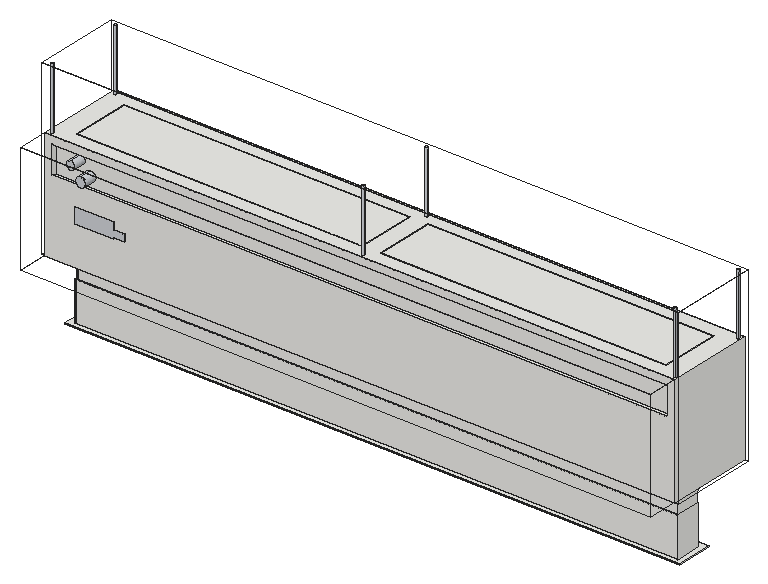
Revit family "AIRTECNICS_AIR CURTAIN_INVISAIR_DX-VRV_(DAIKIN)123", category Mechanical Equipment, Revit 2016 (continued)
Types (11, lengths in mm): name | Weight | Product Size | Product Reference | Product Heating | Product Description | Power Fans | Noise Level (dB(A)) | Mainfolds | Length | Heating Capacity | Gas Coil Volume | External Ut. Reference | Expansion Valve | Dn_Metric_Refrig_Gas | DX VRV | DX Kit | DX Coil Rows = 4 | DX Coil Rows = 3 | DX 1:1 | Current Fans | CT | CR | CH | Apparent Load | Airflow | L
  IECG 2000 DX24-DA | 89.00 kg | "2000" | "IECG 2000 DX24-DA" | "Direct Expansion 1:1 system" | "Energy saving heat pump air curtain: Up to 70% reduction in costs and CO2 emissions (heating mode).\r\nSpecially designed for applications where the body of the air curtain is to be installed inside a column or bulkhead for architectural reasons. It can be vertically or horizontally mounted.\r\nSelf-supporting casing construction made of galvanized steel plate, finished in structural epoxy-polyester painting white colour RAL9016 as standard. Other colours or stainless steel are available on request. \r\nThe air flow of Invisair follows a straight line from the air inlet grille to the to the discharge. Inlet area inside a bulkhead or column should be designed with suitable grille provided by others.\r\nAnodized aluminium outlet vanes, airfoil shaped, adjustable from 0 to 15º each side.\r\nDouble-inlet centrifugal fans driven by an external rotor motor and low noise level. 5-speed selector. EC models assembled with very low consumption efficiency fans. \r\nIncludes only heating direct expansion coil with installed temperature sensors.\r\nPlug&Play control panel CS-5DX-NE slave DX with 5 speeds selector and 7m telephone cable included.\r\nReady to connect to DAIKIN Inverter outdoor heat pump unit (R410A) and EKEXV200 expansion valve not included, the customer should purchase it.\r\nRequires EKEQDCB DAIKIN DX Interface KIT adapted for air curtain and BRC1E53A programmable control, please consult.\r\nAir Volume: 4380 m3/h \r\nFans:  0,426 kW  3,72 A 230Vx1 50/60Hz\r\nHeating capacity: 23,63 kW\r\nDimensions: 285x570/620x2055 mm (depth, height, length), including telescopic outlet for easy installation.\r\nNOT SUPPLIED BY AIRTÈCNICS:\r\nEKEQDCB Interface DX kit and BRC1E53A programmable control.\r\nExpansion valve EKEXV200.\r\nExternal unit:\r\n ERQ 200 AW1External unit with direct expansion valve Daikin, triple phase motor 400Vx3 50Hz.\r\nHeating capacity 25kW. Heating power: 5,56kW. COP 4,5.\r\nCooling capacity 22,4kW. Cooling power 5,22kW. EER 4,29.\r\nCooling circuits 3/4\" - 3/8\".\r\nMaximum length 55m.\r\nMaximum slope 30m." | 0.426 kW | 63 | "3/4 & 3/8" | 2055.0 | 23.63 kW | 0.0041 m³ | "Only Triple Phase" | "EKEXV 200" | 20 | no | "EKEQDCB" | yes | no | yes | 3.72 A | 8 | 2 | 2 | 852 VA | 4380 m³/h | 2000.0
  IECG 1500 VRV15-DA | 69.00 kg | "1500" | "IECG 1500 VRV15-DA" | "Direct Expansion VRV system" | "Energy saving heat pump air curtain: Up to 70% reduction in costs and CO2 emissions (heating mode).\r\nSpecially designed for applications where the body of the air curtain is to be installed inside a column or bulkhead for architectural reasons. It can be vertically or horizontally mounted.\r\nSelf-supporting casing construction made of galvanized steel plate, finished in structural epoxy-polyester painting white colour RAL9016 as standard. Other colours or stainless steel are available on request. \r\nThe air flow of Invisair follows a straight line from the air inlet grille to the to the discharge. Inlet area inside a bulkhead or column should be designed with suitable grille provided by others.\r\nAnodized aluminium outlet vanes, airfoil shaped, adjustable from 0 to 15º each side.\r\nDouble-inlet centrifugal fans driven by an external rotor motor and low noise level. 5-speed selector. EC models assembled with very low consumption efficiency fans. \r\nIncludes only heating direct expansion coil with installed temperature sensors.\r\nPlug&Play control panel CS-5DX-NE slave DX with 5 speeds selector and 7m telephone cable included.\r\nReady to connect to DAIKIN VRV outdoor heat pump unit (R410A) and EKEXV125 expansion valve not included, the customer should purchase it.\r\nRequires EKEQMCBA DAIKIN VRV Interface KIT adapted for air curtain and BRC1E53A programmable control, please consult.\r\nAir Volume: 2920 m3/h \r\nFans:  0,284 kW  2,48 A 230Vx1 50/60Hz\r\nHeating capacity: 15,32 kW\r\nDimensions: 285x570/620x1550 mm (depth, height, length), including telescopic outlet for easy installation.\r\nNOT SUPPLIED BY AIRTÈCNICS:\r\nEKEQMCBA Interface VRV kit and BRC1E53A programmable control.\r\nExpansion valve EKEXV125.\r\nExternal unit VRV." | 0.284 kW | 62 | "5/8 & 3/8" | 1550.0 | 15.32 kW | 0.003 m³ | "Not available" | "EKEXV 125" | 16 | yes | "EKEQMCBA" | yes | no | no | 2.48 A | 4 | 2 | 4 | 568 VA | 2920 m³/h | 1500.0
  IECG 1500 VRV13-DA | 69.00 kg | "1500" | "IECG 1500 VRV13-DA" | "Direct Expansion VRV system" | "Energy saving heat pump air curtain: Up to 70% reduction in costs and CO2 emissions (heating mode).\r\nSpecially designed for applications where the body of the air curtain is to be installed inside a column or bulkhead for architectural reasons. It can be vertically or horizontally mounted.\r\nSelf-supporting casing construction made of galvanized steel plate, finished in structural epoxy-polyester painting white colour RAL9016 as standard. Other colours or stainless steel are available on request. \r\nThe air flow of Invisair follows a straight line from the air inlet grille to the to the discharge. Inlet area inside a bulkhead or column should be designed with suitable grille provided by others.\r\nAnodized aluminium outlet vanes, airfoil shaped, adjustable from 0 to 15º each side.\r\nDouble-inlet centrifugal fans driven by an external rotor motor and low noise level. 5-speed selector. EC models assembled with very low consumption efficiency fans. \r\nIncludes only heating direct expansion coil with installed temperature sensors.\r\nPlug&Play control panel CS-5DX-NE slave DX with 5 speeds selector and 7m telephone cable included.\r\nReady to connect to DAIKIN VRV outdoor heat pump unit (R410A) and EKEXV100 expansion valve not included, the customer should purchase it.\r\nRequires EKEQMCBA DAIKIN VRV Interface KIT adapted for air curtain and BRC1E53A programmable control, please consult.\r\nAir Volume: 2920 m3/h \r\nFans:  0,284 kW  2,48 A 230Vx1 50/60Hz\r\nHeating capacity: 13,11 kW\r\nDimensions: 285x570/620x1550 mm (depth, height, length), including telescopic outlet for easy installation.\r\nNOT SUPPLIED BY AIRTÈCNICS:\r\nEKEQMCBA Interface VRV kit and BRC1E53A programmable control.\r\nExpansion valve EKEXV100.\r\nExternal unit VRV." | 0.284 kW | 62 | "5/8 & 3/8" | 1550.0 | 13.11 kW | 0.0022 m³ | "Not available" | "EKEXV 100" | 16 | yes | "EKEQMCBA" | no | yes | no | 2.48 A | 4 | 4 | 4 | 568 VA | 2920 m³/h | 1500.0
  IECG 1500 DX15-DA | 69.00 kg | "1500" | "IECG 1500 DX15-DA" | "Direct Expansion 1:1 system" | "Energy saving heat pump air curtain: Up to 70% reduction in costs and CO2 emissions (heating mode).\r\nSpecially designed for applications where the body of the air curtain is to be installed inside a column or bulkhead for architectural reasons. It can be vertically or horizontally mounted.\r\nSelf-supporting casing construction made of galvanized steel plate, finished in structural epoxy-polyester painting white colour RAL9016 as standard. Other colours or stainless steel are available on request. \r\nThe air flow of Invisair follows a straight line from the air inlet grille to the to the discharge. Inlet area inside a bulkhead or column should be designed with suitable grille provided by others.\r\nAnodized aluminium outlet vanes, airfoil shaped, adjustable from 0 to 15º each side.\r\nDouble-inlet centrifugal fans driven by an external rotor motor and low noise level. 5-speed selector. EC models assembled with very low consumption efficiency fans. \r\nIncludes only heating direct expansion coil with installed temperature sensors.\r\nPlug&Play control panel CS-5DX-NE slave DX with 5 speeds selector and 7m telephone cable included.\r\nReady to connect to DAIKIN Inverter outdoor heat pump unit (R410A) and EKEXV125 expansion valve not included, the customer should purchase it.\r\nRequires EKEQDCB DAIKIN DX Interface KIT adapted for air curtain and BRC1E53A programmable control, please consult.\r\nAir Volume: 2920 m3/h \r\nFans:  0,284 kW  2,48 A 230Vx1 50/60Hz\r\nHeating capacity: 15,32 kW\r\nDimensions: 285x570/620x1550 mm (depth, height, length), including telescopic outlet for easy installation.\r\nNOT SUPPLIED BY AIRTÈCNICS:\r\nEKEQDCB Interface DX kit and BRC1E53A programmable control.\r\nExpansion valve EKEXV125.\r\nExternal unit:\r\nOption 1: ERQ 125 AV1\r\nExternal unit with direct expansion valve Daikin, single phase motor 230Vx1 50Hz.\r\nHeating capacity 16kW. Heating power: 3,86kW. COP 4,15.\r\nCooling capacity 14kW. Cooling power 3,51kW. EER 3,99.\r\nCooling circuits 5/8\" - 3/8\".\r\nMaximum length 55m.\r\nMaximum slope 35m.\r\nOption 2: ERQ 125 AW1\r\nExternal unit with direct expansion valve Daikin, triple phase motor 400Vx3 50Hz.\r\nHeating capacity 16kW. Heating power: 4kW. COP 4.\r\nCooling capacity 14kW. Cooling power 3,52kW. EER 3,98.\r\nCooling circuits 5/8\" - 3/8\".\r\nMaximum length 55m.\r\nMaximum slope 30m." | 0.284 kW | 62 | "5/8 & 3/8" | 1550.0 | 15.32 kW | 0.003 m³ | "ERQ 125 AV1" | "EKEXV 125" | 16 | no | "EKEQDCB" | yes | no | yes | 2.48 A | 4 | 2 | 2 | 568 VA | 2920 m³/h | 1500.0
  IECG 1500 DX13-DA | 69.00 kg | "1500" | "IECG 1500 DX13-DA" | "Direct Expansion 1:1 system" | "Energy saving heat pump air curtain: Up to 70% reduction in costs and CO2 emissions (heating mode).\r\nSpecially designed for applications where the body of the air curtain is to be installed inside a column or bulkhead for architectural reasons. It can be vertically or horizontally mounted.\r\nSelf-supporting casing construction made of galvanized steel plate, finished in structural epoxy-polyester painting white colour RAL9016 as standard. Other colours or stainless steel are available on request. \r\nThe air flow of Invisair follows a straight line from the air inlet grille to the to the discharge. Inlet area inside a bulkhead or column should be designed with suitable grille provided by others.\r\nAnodized aluminium outlet vanes, airfoil shaped, adjustable from 0 to 15º each side.\r\nDouble-inlet centrifugal fans driven by an external rotor motor and low noise level. 5-speed selector. EC models assembled with very low consumption efficiency fans. \r\nIncludes only heating direct expansion coil with installed temperature sensors.\r\nPlug&Play control panel CS-5DX-NE slave DX with 5 speeds selector and 7m telephone cable included.\r\nReady to connect to DAIKIN Inverter outdoor heat pump unit (R410A) and EKEXV100 expansion valve not included, the customer should purchase it.\r\nRequires EKEQDCB DAIKIN DX Interface KIT adapted for air curtain and BRC1E53A programmable control, please consult.\r\nAir Volume: 2920 m3/h \r\nFans:  0,284 kW  2,48 A 230Vx1 50/60Hz\r\nHeating capacity: 12,5 kW\r\nDimensions: 285x570/620x1550 mm (depth, height, length), including telescopic outlet for easy installation.\r\nNOT SUPPLIED BY AIRTÈCNICS:\r\nEKEQDCB Interface DX kit and BRC1E53A programmable control.\r\nExpansion valve EKEXV100.\r\nExternal unit:\r\n ERQ 100 AV1\r\nExternal unit with direct expansion valve Daikin, single phase motor 230Vx1 50Hz.\r\nHeating capacity 12,5kW. Heating power: 2,74kW. COP 4,56.\r\nCooling capacity 11,2kW. Cooling power 2,81kW. EER 3,99.\r\nCooling circuits 5/8\" - 3/8\".\r\nMaximum length 55m.\r\nMaximum slope 35m." | 0.284 kW | 62 | "5/8 & 3/8" | 1550.0 | 12.5 kW | 0.0022 m³ | "ERQ 100 AV1" | "EKEXV 100" | 16 | no | "EKEQDCB" | no | yes | yes | 2.48 A | 4 | 4 | 2 | 568 VA | 2920 m³/h | 1500.0
